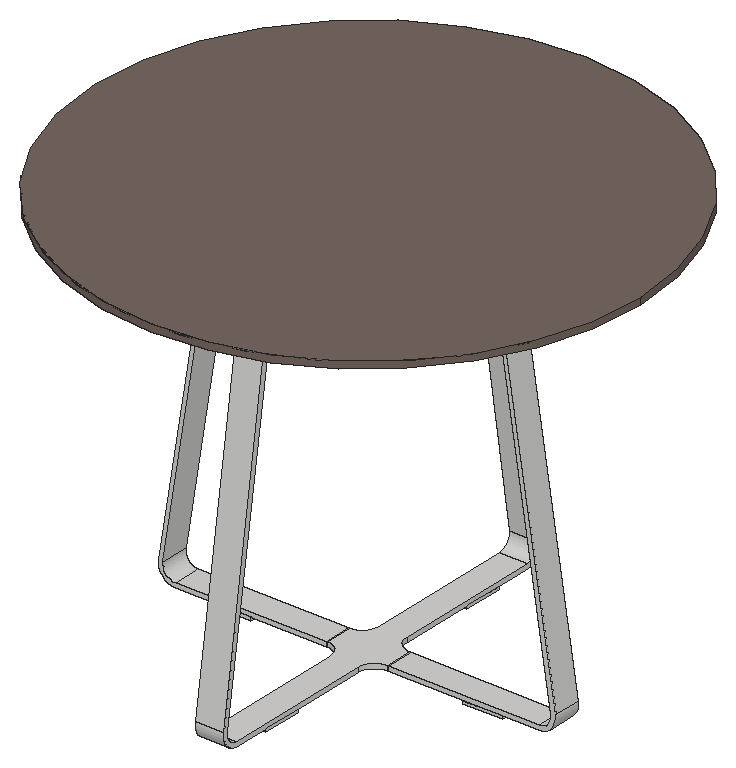
Revit family "Furniture-Table-Casual-Naughtone-Frog", category Furniture, Revit 2014
Parameters (values of type "FR-975-DIA")
  WarrantyStartDate = ""
  WarrantyGuarantorParts = "sales@naughtone.com"  # constant formula
  WarrantyGuarantorLabour = "sales@naughtone.com"  # constant formula
  WarrantyDuration = 60
  Uniclass = "Pr_40_50_21_21"  # constant formula
  URL = "http://www.naughtone.com"
  TypeName = "975mmx975mmx750mm, Frog Table"
  TagNumber = 0
  Table Top Square = no
  Table Top Round = not(Table Top Square)  # yes
  Sweep Offset [instance] = if(Chamfered Edge, 0 mm, 300 mm)  # 300 mm
  Small Legs [instance] = no
  SerialNumber = 0
  Product URL = "http://www.naughtone.com/portfolio-view/frog"  # constant formula
  Product Code = "FR-975-DIA"
  Option [instance] = if(Chamfered Edge, "Reverse Chamfered Edge", "Laminate Top")  # "Laminate Top"
  Name = "Furniture-Table-Casual-Naughtone-Frog"  # constant formula
  Model = "Frog"  # constant formula
  Material Table Base [instance] = Metal-Paint_Finish-Matte_White
  Material Table [instance] = Timber-Walnut_Veneer-Polished
  Material Feet/Bracket = Rubber-Black-Matte
  Manufacturer = "Naughtone"
  Length = 975 mm
  InstallationDate = ""
  Height = 750 mm
  Features = ""
  Extidentifier = ""
  Description = "Frog 975"
  Depth = 975 mm
  Current Revision = 1  # constant formula
  Created On = "10.08.2014"  # constant formula
  Created By = "www.bimbox.co.uk"  # constant formula
  Cost = 0
  Contact Telephone Number = "+44 1423 816500"  # constant formula
  Contact Email Address = "sales@naughtone.com"
  Chamfered Edge [instance] = no
  COBie Description = "Designed by InTheDetail, The Frog table is an elegant product for the offices, restaurants or in the home. The design of the base pays careful attention to the scale of the material and repetition of bends; the result is a table which is visually light and uncluttered when used in repetition."  # constant formula
  Barcode = 0
  Author = "BIMBox"  # constant formula
  AssetIdentifier = "FR-975-DIA"
  975 DIA Legs [instance] = yes
Types (5, lengths in mm): name | TypeName | Table Top Square | Table Top Round | Small Legs | Product Code | Length | Description | Depth | AssetIdentifier | 975 DIA Legs
  (no name) | "975mmx975mmx750mm, Frog Table" | no | yes | no | "FR-975-DIA" | 975 | "Frog 975" | 975 | "FR-975-DIA" | yes
  FR-650-DIA | "650mmx650mmx750mm, Frog Table" | no | yes | yes | "FR-650-DIA" | 650 | "Frog 650" | 650 | "FR-650-DIA" | no
  FR-650-SQ | "650mmx650mmx750mm, Frog Table" | yes | no | yes | "FR-650-SQ" | 650 | "Frog 650 SQ" | 650 | "FR-650-SQ" | no
  FR-850-DIA | "850mmx850mmx750mm, Frog Table" | no | yes | yes | "FR-850-DIA" | 850 | "Frog 850" | 850 | "FR-850-DIA" | no
  FR-975-DIA | "975mmx975mmx750mm, Frog Table" | no | yes | no | "FR-975-DIA" | 975 | "Frog 975" | 975 | "FR-975-DIA" | yes
Reference planes
  plane 1 "Center (Front/Back)": y = 0
  plane 2 "Left-Right": z = 0
  plane 3 "Center (Left/Right)": x = 0
  plane 4 "Table top": z = 750
  plane 5: x = 305.13
  plane 6: x = -305.131
  plane 7: x = 355.13
  plane 8: x = -355.131
  plane 9: y = 305.131
  plane 10: y = -305.131
  plane 11: y = 355.131
  plane 12: y = -355.131
Forms (mm)
  Extrusion 1, solid, material "Metal-Paint_Finish-Matte_White" <- "Material Table Base", visible <- "Small Legs"
    sketch origin (0, 0, 0) x (0, 1, 0) y (0, 0, 1)
      loop
        line (297.229, 43.442) -> (192.22, 706.442)
        arc (192.22, 706.442) -> (184.779, 719.729) -> (170.491, 725) r 22
        line (170.491, 725) -> (-170.966, 725)
        arc (-170.966, 725) -> (-186.905, 718.164) -> (-192.939, 701.905) r 22
        line (-192.939, 701.905) -> (-297.229, 43.442)
        arc (-297.229, 43.442) -> (-292.241, 25.726) -> (-275.537, 18) r 22
        line (-275.537, 18) -> (275.463, 18)
        arc (275.463, 18) -> (292.217, 25.698) -> (297.229, 43.442) r 22
      loop
        line (305.131, 44.693) -> (200.122, 707.693)
        arc (200.122, 707.693) -> (189.975, 725.812) -> (170.491, 733) r 30
        line (170.491, 733) -> (-170.966, 733)
        arc (-170.966, 733) -> (-192.391, 724) -> (-200.96, 702.4) r 30
        line (-200.96, 702.4) -> (-305.131, 44.693)
        arc (-305.131, 44.693) -> (-298.326, 20.533) -> (-275.543, 10) r 30
        line (-275.543, 10) -> (275.457, 10)
        arc (275.457, 10) -> (298.298, 20.5) -> (305.131, 44.693) r 30
    from -25 to 25
  Extrusion 2, solid, material "Metal-Paint_Finish-Matte_White" <- "Material Table Base", visible <- "Small Legs"
    sketch origin (-0.001, -0.001, 0) x (-1, 0, 0) y (0, 0, 1)
      loop
        arc (297.229, 43.442) -> (292.217, 25.698) -> (275.463, 18) r 22
        line (275.463, 18) -> (55, 18) -> (55, 10) -> (275.457, 10)
        arc (275.457, 10) -> (298.298, 20.5) -> (305.131, 44.693) r 30
        line (305.131, 44.693) -> (200.122, 707.693)
        arc (200.122, 707.693) -> (189.975, 725.812) -> (170.491, 733) r 30
        line (170.491, 733) -> (24.999, 733) -> (24.999, 725) -> (170.491, 725)
        arc (170.491, 725) -> (184.779, 719.729) -> (192.22, 706.442) r 22
        line (192.22, 706.442) -> (297.229, 43.442)
      loop
        line (-170.491, 725) -> (-25.001, 725) -> (-25.001, 733) -> (-177.324, 733)
        arc (-177.324, 733) -> (-191.612, 727.729) -> (-199.053, 714.442) r 22
        line (-199.053, 714.442) -> (-305.131, 44.693)
        arc (-305.131, 44.693) -> (-298.326, 20.533) -> (-275.543, 10) r 30
        line (-275.543, 10) -> (-55.001, 10) -> (-55.001, 18) -> (-275.537, 18)
        arc (-275.537, 18) -> (-292.241, 25.726) -> (-297.229, 43.442) r 22
        line (-297.229, 43.442) -> (-192.22, 706.442)
        arc (-192.22, 706.442) -> (-184.779, 719.729) -> (-170.491, 725) r 22
    from -25 to 25
  Extrusion 3, solid, material "Rubber-Black-Matte" <- "Material Feet/Bracket"
    sketch origin (275.499, -0.001, 18) x (-1, 0, 0) y (0, -1, 0)
      loop
        circle (50.501, -0.001) r 9.964
    from -18 to -13
  Extrusion 4, solid, material "Metal-Paint_Finish-Matte_White" <- "Material Table Base"
    sketch origin (275.499, -0.001, 18) x (-1, 0, 0) y (0, -1, 0)
      loop
        line (85.501, -25) -> (85.501, 25) -> (15.501, 25) -> (15.501, -25) -> (85.501, -25)
    from -13 to -8
  Extrusion 5, solid, material "Rubber-Black-Matte" <- "Material Feet/Bracket"
    sketch origin (-275.499, -0.001, 18) x (1, 0, 0) y (0, 1, 0)
      loop
        circle (50.501, 0.001) r 9.964
    from -18 to -13
  Extrusion 6, solid, material "Metal-Paint_Finish-Matte_White" <- "Material Table Base"
    sketch origin (-275.499, -0.001, 18) x (1, 0, 0) y (0, 1, 0)
      loop
        line (85.501, 25) -> (15.501, 25) -> (15.501, -25) -> (85.501, -25) -> (85.501, 25)
    from -13 to -8
  Extrusion 7, solid, material "Rubber-Black-Matte" <- "Material Feet/Bracket"
    sketch origin (0.001, 275.499, 18) x (0, -1, 0) y (1, 0, 0)
      loop
        circle (50.501, -0.001) r 9.964
    from -18 to -13
  Extrusion 8, solid, material "Metal-Paint_Finish-Matte_White" <- "Material Table Base"
    sketch origin (0.001, 275.499, 18) x (0, -1, 0) y (1, 0, 0)
      loop
        line (85.501, -25) -> (85.501, 25) -> (15.501, 25) -> (15.501, -25) -> (85.501, -25)
    from -13 to -8
  Extrusion 9, solid, material "Rubber-Black-Matte" <- "Material Feet/Bracket"
    sketch origin (0.001, -275.499, 18) x (0, 1, 0) y (-1, 0, 0)
      loop
        circle (50.501, 0.001) r 9.964
    from -18 to -13
  Extrusion 10, solid, material "Metal-Paint_Finish-Matte_White" <- "Material Table Base"
    sketch origin (0.001, -275.499, 18) x (0, 1, 0) y (-1, 0, 0)
      loop
        line (85.501, 25) -> (15.501, 25) -> (15.501, -25) -> (85.501, -25) -> (85.501, 25)
    from -13 to -8
  Extrusion 11, solid, material "Metal-Paint_Finish-Matte_White" <- "Material Table Base"
    sketch origin (275.499, -0.001, 18) x (-1, 0, 0) y (0, -1, 0)
      loop
        line (366.499, -17.5) -> (426.499, -17.5)
        arc (426.499, -17.5) -> (430.035, -16.036) -> (431.499, -12.501) r 5
        line (431.499, -12.501) -> (431.499, 12.499)
        arc (431.499, 12.499) -> (430.035, 16.035) -> (426.499, 17.5) r 5
        line (426.499, 17.5) -> (366.5, 17.5)
        arc (366.5, 17.5) -> (362.964, 16.035) -> (361.5, 12.499) r 5
        line (361.5, 12.499) -> (361.5, -12.501)
        arc (361.5, -12.501) -> (362.964, -16.036) -> (366.499, -17.5) r 5
    from 715 to 717
  Extrusion 12, solid, material "Metal-Paint_Finish-Matte_White" <- "Material Table Base"
    sketch origin (-275.499, -0.001, 18) x (1, 0, 0) y (0, 1, 0)
      loop
        arc (366.499, 17.5) -> (362.964, 16.036) -> (361.5, 12.501) r 5
        line (361.5, 12.501) -> (361.5, -12.499)
        arc (361.5, -12.499) -> (362.964, -16.035) -> (366.5, -17.5) r 5
        line (366.5, -17.5) -> (426.499, -17.5)
        arc (426.499, -17.5) -> (430.035, -16.035) -> (431.499, -12.499) r 5
        line (431.499, -12.499) -> (431.499, 12.501)
        arc (431.499, 12.501) -> (430.035, 16.036) -> (426.499, 17.5) r 5
        line (426.499, 17.5) -> (366.499, 17.5)
    from 715 to 717
  Extrusion 13, solid, material "Metal-Paint_Finish-Matte_White" <- "Material Table Base"
    sketch origin (0.001, -275.499, 18) x (0, 1, 0) y (-1, 0, 0)
      loop
        arc (366.499, 17.5) -> (362.964, 16.036) -> (361.5, 12.501) r 5
        line (361.5, 12.501) -> (361.5, -12.499)
        arc (361.5, -12.499) -> (362.964, -16.035) -> (366.5, -17.5) r 5
        line (366.5, -17.5) -> (426.499, -17.5)
        arc (426.499, -17.5) -> (430.035, -16.035) -> (431.499, -12.499) r 5
        line (431.499, -12.499) -> (431.499, 12.501)
        arc (431.499, 12.501) -> (430.035, 16.036) -> (426.499, 17.5) r 5
        line (426.499, 17.5) -> (366.499, 17.5)
    from 715 to 717
  Extrusion 14, solid, material "Metal-Paint_Finish-Matte_White" <- "Material Table Base"
    sketch origin (0.001, 275.499, 18) x (0, -1, 0) y (1, 0, 0)
      loop
        line (366.499, -17.5) -> (426.499, -17.5)
        arc (426.499, -17.5) -> (430.035, -16.036) -> (431.499, -12.501) r 5
        line (431.499, -12.501) -> (431.499, 12.499)
        arc (431.499, 12.499) -> (430.035, 16.035) -> (426.499, 17.5) r 5
        line (426.499, 17.5) -> (366.5, 17.5)
        arc (366.5, 17.5) -> (362.964, 16.035) -> (361.5, 12.499) r 5
        line (361.5, 12.499) -> (361.5, -12.501)
        arc (361.5, -12.501) -> (362.964, -16.036) -> (366.499, -17.5) r 5
    from 715 to 717
  Extrusion 15, solid, material "Metal-Paint_Finish-Matte_White" <- "Material Table Base", visible <- "Small Legs"
    sketch origin (275.499, -0.001, 18) x (-1, 0, 0) y (0, -1, 0)
      loop
        line (330.5, -55.001) -> (330.5, 54.999) -> (220.499, 54.999) -> (220.499, -55.001) -> (330.5, -55.001)
    from -8 to 0
  Extrusion 16, void
    sketch origin (275.499, -0.001, 18) x (0, -1, 0) y (-1, 0, 0)
      loop
        circle (-55.001, 220.499) r 30.001
    from -38.838 to 250
  Extrusion 17, void
    sketch origin (-275.499, -0.001, 18) x (0, 1, 0) y (1, 0, 0)
      loop
        circle (55.001, 220.499) r 30.001
    from -38.838 to 250
  Extrusion 18, void
    sketch origin (275.499, 0.001, 18) x (0, -1, 0) y (-1, 0, 0)
      loop
        circle (55.001, 220.499) r 30.001
    from -38.838 to 250
  Extrusion 19, void
    sketch origin (-275.499, 0.001, 18) x (0, 1, 0) y (1, 0, 0)
      loop
        circle (-55.001, 220.499) r 30.001
    from -38.838 to 250
  Extrusion 20, solid, material "Timber-Walnut_Veneer-Polished" <- "Material Table", visible <- "Table Top Round"
    sketch origin (0, 0, 0) x (1, 0, 0) y (0, 1, 0)
      loop
        circle (0, 0) r 487.5
    from 737.5 to 750
  Extrusion 21, solid, material "Timber-Walnut_Veneer-Polished" <- "Material Table", visible <- "Table Top Square"
    sketch origin (194.808, 194.807, 18) x (-0.707107, -0.707107, 0) y (0.707107, -0.707107, 0)
      loop
        line (925.499, -325.001) -> (925.499, 649.999) -> (-49.501, 649.999) -> (-49.501, -325.001) -> (925.499, -325.001)
    from 717 to 732
  Sweep 22, void
    path in 3D
      loop
        line (0, -919.239, 750) -> (689.429, -229.81, 750) -> (0, 459.619, 750) -> (-689.429, -229.81, 750) -> (0, -919.239, 750)
    profile "Chamfered Edge Family : Chamfered Edge Family" origin (-344.715, -574.524, 750) x (0.707107, 0.707107, 0) y (0, 0, 1)
      loop
        line (0, 300) -> (0, 285) -> (10.254, 285)
        arc (10.254, 285) -> (9.126, 285.406) -> (8.267, 286.242) r 2.838
        line (8.267, 286.242) -> (0, 300)
  Extrusion 23, solid, material "Metal-Paint_Finish-Matte_White" <- "Material Table Base", visible <- "975 DIA Legs"
    sketch origin (0, 0, 0) x (1, 0, 0) y (0, 0, 1)
      loop
        arc (-355.131, 44.693) -> (-348.313, 20.517) -> (-325.501, 10) r 30
        line (-325.501, 10) -> (-55.001, 10) -> (-55.001, 18) -> (-325.501, 18)
        arc (-325.501, 18) -> (-342.229, 25.712) -> (-347.23, 43.442) r 22
        line (-347.23, 43.442) -> (-242.221, 706.442)
        arc (-242.221, 706.442) -> (-234.779, 719.729) -> (-220.492, 725) r 22
        line (-220.492, 725) -> (-25, 725) -> (-25, 733) -> (-220.492, 733)
        arc (-220.492, 733) -> (-239.975, 725.812) -> (-250.122, 707.693) r 30
        line (-250.122, 707.693) -> (-355.131, 44.693)
      loop
        arc (220.491, 725) -> (234.779, 719.729) -> (242.22, 706.442) r 22
        line (242.22, 706.442) -> (347.229, 43.441)
        arc (347.229, 43.441) -> (342.228, 25.712) -> (325.499, 18) r 22
        line (325.499, 18) -> (55.001, 18) -> (55.001, 10) -> (325.499, 10)
        arc (325.499, 10) -> (348.312, 20.517) -> (355.13, 44.693) r 30
        line (355.13, 44.693) -> (249.052, 714.442)
        arc (249.052, 714.442) -> (241.611, 727.729) -> (227.323, 733) r 22
        line (227.323, 733) -> (25, 733) -> (25, 725) -> (220.491, 725)
    from -25 to 25
  Extrusion 24, solid, material "Metal-Paint_Finish-Matte_White" <- "Material Table Base", visible <- "975 DIA Legs"
    sketch origin (0, 0, 0) x (0, 1, 0) y (0, 0, 1)
      loop
        line (347.229, 43.442) -> (242.22, 706.442)
        arc (242.22, 706.442) -> (234.779, 719.729) -> (220.491, 725) r 22
        line (220.491, 725) -> (-220.966, 725)
        arc (-220.966, 725) -> (-236.905, 718.164) -> (-242.939, 701.905) r 22
        line (-242.939, 701.905) -> (-347.229, 43.442)
        arc (-347.229, 43.442) -> (-342.229, 25.712) -> (-325.5, 18) r 22
        line (-325.5, 18) -> (325.5, 18)
        arc (325.5, 18) -> (342.229, 25.712) -> (347.229, 43.442) r 22
      loop
        line (355.131, 44.693) -> (250.122, 707.693)
        arc (250.122, 707.693) -> (239.975, 725.812) -> (220.491, 733) r 30
        line (220.491, 733) -> (-220.966, 733)
        arc (-220.966, 733) -> (-242.391, 724) -> (-250.96, 702.4) r 30
        line (-250.96, 702.4) -> (-355.131, 44.693)
        arc (-355.131, 44.693) -> (-348.312, 20.517) -> (-325.5, 10) r 30
        line (-325.5, 10) -> (325.5, 10)
        arc (325.5, 10) -> (348.312, 20.517) -> (355.131, 44.693) r 30
    from -25 to 25
  Extrusion 25, void
    sketch origin (275.499, -0.001, 18) x (0, -1, 0) y (-1, 0, 0)
      loop
        circle (-55.001, 220.499) r 30.001
    from -38.838 to 250
  Extrusion 26, void
    sketch origin (-275.499, -0.001, 18) x (0, 1, 0) y (1, 0, 0)
      loop
        circle (55.001, 220.499) r 30.001
    from -38.838 to 250
  Extrusion 27, void
    sketch origin (275.499, 0.001, 18) x (0, -1, 0) y (-1, 0, 0)
      loop
        circle (55.001, 220.499) r 30.001
    from -38.838 to 250
  Extrusion 28, void
    sketch origin (-275.499, 0.001, 18) x (0, 1, 0) y (1, 0, 0)
      loop
        circle (-55.001, 220.499) r 30.001
    from -38.838 to 250
  Extrusion 29, solid, material "Metal-Paint_Finish-Matte_White" <- "Material Table Base", visible <- "975 DIA Legs"
    sketch origin (275.499, -0.001, 18) x (-1, 0, 0) y (0, -1, 0)
      loop
        line (330.5, -55.001) -> (330.5, 54.999) -> (220.499, 54.999) -> (220.499, -55.001) -> (330.5, -55.001)
    from -8 to 0
Cuts and joins
  Extrusion 19, Extrusion 28 cuts Extrusion 1
  Extrusion 16, Extrusion 17, Extrusion 18, Extrusion 19, Extrusion 28 cuts Extrusion 15
  joined: Extrusion 1, Extrusion 15
  Sweep 22 cuts Extrusion 21
  Extrusion 25, Extrusion 26, Extrusion 27, Extrusion 28 cuts Extrusion 29
  joined: Extrusion 24, Extrusion 29
Lines and regions (mm)
  sketch lines
    curve 1: line (-689.429, -229.81, 750) -> (0, -919.239, 750)
    curve 2: line (0, 459.619, 750) -> (-689.429, -229.81, 750)
    curve 3: line (689.429, -229.81, 750) -> (0, 459.619, 750)
    curve 4: line (0, -919.239, 750) -> (689.429, -229.81, 750)
Dimensions and locks
  "Depth": Extrusion 21 sketch curve to Extrusion 21 sketch curve
  "Length": Extrusion 21 sketch curve to Extrusion 21 sketch curve
  plane 4 "Table top" to level = 750 mm
  "Length": diameter of Extrusion 20 sketch curve
  aligned and locked: level to plane 2 "Left-Right"
  aligned and locked: plane 4 "Table top" to Extrusion 20
Automatic sketch dimensions
  level to Extrusion 1 sketch curve = 10 mm
  plane 1 "Center (Front/Back)" to Extrusion 1 sketch curve = 275.543 mm
  Extrusion 1 sketch curve to Extrusion 1 sketch curve = 0.005 mm  (x2)
  Extrusion 1 sketch curve to Extrusion 1 sketch curve = 0.037 mm  (x2)
  Extrusion 1 sketch curve to Extrusion 1 sketch curve = 0 mm  (x8)
  Extrusion 1 sketch curve to plane 4 "Table top" = 25 mm
  plane 1 "Center (Front/Back)" to Extrusion 1 sketch curve = 170.966 mm
  Extrusion 1 sketch curve to plane 1 "Center (Front/Back)" = 170.491 mm
  Extrusion 1 sketch curve to plane 4 "Table top" = 43.558 mm
  Extrusion 1 sketch curve to Extrusion 1 sketch curve = 21.729 mm  (x3)
  Extrusion 1 sketch curve to plane 4 "Table top" = 42.307 mm
  Extrusion 1 sketch curve to Extrusion 1 sketch curve = 7.901 mm  (x2)
  Extrusion 1 sketch curve to plane 1 "Center (Front/Back)" = 275.457 mm
  level to Extrusion 1 sketch curve = 43.442 mm  (x2)
  level to Extrusion 1 sketch curve = 44.693 mm  (x2)
  Extrusion 1 sketch curve to Extrusion 1 sketch curve = 7.902 mm
  Extrusion 1 sketch curve to Extrusion 1 sketch curve = 8 mm
  Extrusion 1 sketch curve to Extrusion 1 sketch curve = 22 mm  (x2)
  Extrusion 1 sketch curve to Extrusion 1 sketch curve = 8.021 mm
  Extrusion 2 to Extrusion 3 sketch curve = 24.999 mm
  Extrusion 3 sketch curve to Extrusion 2 = 50.539 mm
  Extrusion 2 to Extrusion 4 sketch curve = 0 mm
  Extrusion 4 sketch curve to Extrusion 2 = 0 mm
  Extrusion 4 sketch curve to Extrusion 2 = 15.538 mm
  Extrusion 4 sketch curve to Extrusion 4 sketch curve = 70 mm
  Extrusion 2 to Extrusion 5 sketch curve = 24.999 mm
  Extrusion 2 to Extrusion 5 sketch curve = 279.999 mm
  Extrusion 6 sketch curve to Extrusion 2 = 0 mm  (x2)
  Extrusion 2 to Extrusion 6 sketch curve = 314.999 mm
  Extrusion 6 sketch curve to Extrusion 6 sketch curve = 70 mm
  Extrusion 2 to Extrusion 7 sketch curve = 55.001 mm
  Extrusion 7 sketch curve to Extrusion 2 = 199.999 mm
  Extrusion 2 to Extrusion 8 sketch curve = 80 mm
  Extrusion 8 sketch curve to Extrusion 2 = 234.999 mm
  Extrusion 2 to Extrusion 8 sketch curve = 30 mm
  Extrusion 8 sketch curve to Extrusion 8 sketch curve = 70 mm
  Extrusion 2 to Extrusion 9 sketch curve = 55.001 mm
  Extrusion 9 sketch curve to Extrusion 2 = 199.998 mm
  Extrusion 2 to Extrusion 10 sketch curve = 80 mm
  Extrusion 10 sketch curve to Extrusion 2 = 234.998 mm
  Extrusion 2 to Extrusion 10 sketch curve = 30 mm
  Extrusion 10 sketch curve to Extrusion 10 sketch curve = 70 mm
  Extrusion 2 to Extrusion 11 sketch curve = 12.499 mm  (x2)
  Extrusion 2 to Extrusion 11 sketch curve = 141.001 mm
  Extrusion 11 sketch curve to Extrusion 11 sketch curve = 5 mm  (x2)
  Extrusion 2 to Extrusion 11 sketch curve = 12.501 mm
  Extrusion 11 sketch curve to Extrusion 11 sketch curve = 60 mm
  Extrusion 11 sketch curve to Extrusion 11 sketch curve = 0 mm
  Extrusion 12 sketch curve to Extrusion 2 = 30.999 mm
  Extrusion 12 sketch curve to Extrusion 12 sketch curve = 5 mm  (x3)
  Extrusion 2 to Extrusion 12 sketch curve = 12.501 mm
  Extrusion 12 sketch curve to Extrusion 12 sketch curve = 60 mm
  Extrusion 2 to Extrusion 12 sketch curve = 12.499 mm
  Extrusion 12 sketch curve to Extrusion 12 sketch curve = 0 mm
  Extrusion 13 sketch curve to Extrusion 2 = 61.001 mm
  Extrusion 13 sketch curve to Extrusion 13 sketch curve = 5 mm  (x3)
  Extrusion 13 sketch curve to Extrusion 13 sketch curve = 60 mm
  Extrusion 13 sketch curve to Extrusion 13 sketch curve = 0 mm
  Extrusion 2 to Extrusion 13 sketch curve = 37.5 mm
  Extrusion 13 sketch curve to Extrusion 13 sketch curve = 25 mm
  Extrusion 14 sketch curve to Extrusion 2 = 60.999 mm
  Extrusion 14 sketch curve to Extrusion 14 sketch curve = 5 mm  (x3)
  Extrusion 14 sketch curve to Extrusion 14 sketch curve = 60 mm
  Extrusion 14 sketch curve to Extrusion 14 sketch curve = 0 mm
  Extrusion 2 to Extrusion 14 sketch curve = 72.5 mm
  Extrusion 14 sketch curve to Extrusion 14 sketch curve = 25 mm
  Extrusion 15 sketch curve to Extrusion 2 = 0 mm
  Extrusion 15 sketch curve to Extrusion 2 = 29.999 mm
  Extrusion 2 to Extrusion 15 sketch curve = 110.001 mm
  Extrusion 15 sketch curve to Extrusion 2 = 30.001 mm
  Extrusion 16 sketch curve to Extrusion 2 = 0 mm
  Extrusion 16 sketch curve to Extrusion 2 = 30.001 mm
  Extrusion 17 sketch curve to Extrusion 2 = 30.001 mm
  Extrusion 2 to Extrusion 17 sketch curve = 110.001 mm
  Extrusion 18 sketch curve to Extrusion 2 = 0 mm
  Extrusion 18 sketch curve to Extrusion 2 = 30 mm
  Extrusion 19 sketch curve to Extrusion 2 = 30 mm
  Extrusion 2 to Extrusion 19 sketch curve = 110.001 mm
  level to Extrusion 2 sketch curve = 10 mm  (x2)
  plane 3 "Center (Left/Right)" to Extrusion 2 sketch curve = 275.542 mm
  Extrusion 2 sketch curve to Extrusion 2 sketch curve = 0.005 mm  (x2)
  Extrusion 2 sketch curve to Extrusion 2 sketch curve = 0.037 mm  (x2)
  Extrusion 2 sketch curve to Extrusion 2 sketch curve = 0 mm  (x7)
  Extrusion 2 sketch curve to plane 4 "Table top" = 35.558 mm
  plane 3 "Center (Left/Right)" to Extrusion 2 sketch curve = 199.052 mm
  Extrusion 2 sketch curve to plane 4 "Table top" = 43.558 mm  (x2)
  Extrusion 2 sketch curve to Extrusion 2 sketch curve = 6.833 mm  (x2)
  Extrusion 2 sketch curve to Extrusion 2 sketch curve = 21.729 mm  (x4)
  plane 3 "Center (Left/Right)" to Extrusion 2 sketch curve = 55.001 mm
  plane 3 "Center (Left/Right)" to Extrusion 2 sketch curve = 25 mm
  Extrusion 2 sketch curve to plane 3 "Center (Left/Right)" = 25 mm
  Extrusion 2 sketch curve to plane 3 "Center (Left/Right)" = 55.001 mm
  Extrusion 2 sketch curve to plane 4 "Table top" = 17 mm
  Extrusion 2 sketch curve to Extrusion 2 sketch curve = 145.492 mm
  Extrusion 2 sketch curve to plane 4 "Table top" = 42.307 mm
  Extrusion 2 sketch curve to Extrusion 2 sketch curve = 7.901 mm  (x2)
  Extrusion 2 sketch curve to Extrusion 2 sketch curve = 220.457 mm
  level to Extrusion 2 sketch curve = 43.442 mm  (x2)
  level to Extrusion 2 sketch curve = 44.693 mm  (x2)
  Extrusion 2 sketch curve to Extrusion 2 sketch curve = 7.902 mm
  Extrusion 2 sketch curve to Extrusion 2 sketch curve = 8 mm  (x3)
  Extrusion 2 sketch curve to Extrusion 2 sketch curve = 22 mm
  Extrusion 2 sketch curve to Extrusion 2 sketch curve = 4.558 mm
  Extrusion 1 sketch curve to Extrusion 1 sketch curve = 0.495 mm
  Extrusion 1 sketch curve to plane 4 "Table top" = 47.6 mm
  plane 1 "Center (Front/Back)" to Extrusion 20 sketch curve = 0 mm
  Extrusion 20 sketch curve to plane 3 "Center (Left/Right)" = 0 mm
  Extrusion 2 to Extrusion 21 sketch curve = 55.001 mm
  Extrusion 21 sketch curve to Extrusion 2 = 434.62 mm
  plane 8 to Extrusion 23 sketch curve = 0 mm
  Extrusion 23 sketch curve to plane 8 = 7.902 mm
  Extrusion 23 sketch curve to plane 6 = 20.369 mm
  Extrusion 23 sketch curve to Extrusion 23 sketch curve = 0 mm  (x7)
  plane 6 to Extrusion 23 sketch curve = 55.009 mm
  Extrusion 23 sketch curve to Extrusion 23 sketch curve = 7.902 mm
  Extrusion 23 sketch curve to Extrusion 23 sketch curve = 21.729 mm
  level to Extrusion 23 sketch curve = 10 mm
  Extrusion 23 sketch curve to plane 3 "Center (Left/Right)" = 55.001 mm
  Extrusion 23 sketch curve to plane 3 "Center (Left/Right)" = 25 mm
  plane 3 "Center (Left/Right)" to Extrusion 23 sketch curve = 25 mm
  level to Extrusion 23 sketch curve = 18 mm
  plane 3 "Center (Left/Right)" to Extrusion 23 sketch curve = 55.001 mm
  plane 5 to Extrusion 23 sketch curve = 84.639 mm
  Extrusion 23 sketch curve to Extrusion 23 sketch curve = 6.833 mm  (x2)
  Extrusion 23 sketch curve to Extrusion 23 sketch curve = 14.897 mm
  Extrusion 23 sketch curve to plane 4 "Table top" = 35.558 mm
  Extrusion 23 sketch curve to plane 5 = 20.369 mm
  plane 7 to Extrusion 23 sketch curve = 0 mm
  Extrusion 23 sketch curve to Extrusion 23 sketch curve = 8 mm  (x4)
  Extrusion 23 sketch curve to Extrusion 23 sketch curve = 22 mm  (x3)
  Extrusion 23 sketch curve to plane 4 "Table top" = 47 mm
  Extrusion 23 sketch curve to Extrusion 23 sketch curve = 3.442 mm
  Extrusion 23 sketch curve to Extrusion 23 sketch curve = 11.442 mm
  Extrusion 23 sketch curve to Extrusion 23 sketch curve = 1.251 mm
  Extrusion 23 sketch curve to plane 7 = 7.902 mm
  level to Extrusion 24 sketch curve = 10 mm
  plane 1 "Center (Front/Back)" to Extrusion 24 sketch curve = 325.5 mm
  Extrusion 24 sketch curve to Extrusion 24 sketch curve = 0 mm  (x11)
  Extrusion 24 sketch curve to plane 4 "Table top" = 47.6 mm
  plane 1 "Center (Front/Back)" to Extrusion 24 sketch curve = 250.96 mm
  Extrusion 24 sketch curve to plane 4 "Table top" = 48.095 mm
  Extrusion 24 sketch curve to Extrusion 24 sketch curve = 8.021 mm
  Extrusion 24 sketch curve to plane 4 "Table top" = 25 mm
  Extrusion 24 sketch curve to Extrusion 24 sketch curve = 21.973 mm
  Extrusion 24 sketch curve to plane 4 "Table top" = 47 mm
  Extrusion 24 sketch curve to plane 1 "Center (Front/Back)" = 220.491 mm
  Extrusion 24 sketch curve to plane 4 "Table top" = 43.558 mm
  Extrusion 24 sketch curve to Extrusion 24 sketch curve = 21.729 mm  (x3)
  Extrusion 24 sketch curve to plane 4 "Table top" = 42.307 mm
  Extrusion 24 sketch curve to Extrusion 24 sketch curve = 7.901 mm  (x2)
  Extrusion 24 sketch curve to plane 1 "Center (Front/Back)" = 325.5 mm
  level to Extrusion 24 sketch curve = 43.442 mm  (x2)
  level to Extrusion 24 sketch curve = 44.693 mm  (x2)
  Extrusion 24 sketch curve to Extrusion 24 sketch curve = 7.902 mm
  Extrusion 24 sketch curve to Extrusion 24 sketch curve = 8 mm
  Extrusion 24 sketch curve to Extrusion 24 sketch curve = 22 mm
  Extrusion 25 sketch curve to Extrusion 2 = 0 mm
  Extrusion 25 sketch curve to Extrusion 2 = 30.001 mm
  Extrusion 26 sketch curve to Extrusion 2 = 30.001 mm
  Extrusion 2 to Extrusion 26 sketch curve = 110.001 mm
  Extrusion 27 sketch curve to Extrusion 2 = 0 mm
  Extrusion 27 sketch curve to Extrusion 2 = 30 mm
  Extrusion 28 sketch curve to Extrusion 2 = 30 mm
  Extrusion 2 to Extrusion 28 sketch curve = 110.001 mm
  Extrusion 29 sketch curve to Extrusion 2 = 0 mm
  Extrusion 29 sketch curve to Extrusion 2 = 29.999 mm
  Extrusion 2 to Extrusion 29 sketch curve = 110.001 mm
  Extrusion 29 sketch curve to Extrusion 2 = 30.001 mm
  radius of Extrusion 3 sketch curve = 9.964 mm
  radius of Extrusion 5 sketch curve = 9.964 mm
  radius of Extrusion 7 sketch curve = 9.964 mm
  radius of Extrusion 9 sketch curve = 9.964 mm
  radius of Extrusion 16 sketch curve = 30.001 mm
  radius of Extrusion 17 sketch curve = 30.001 mm
  radius of Extrusion 18 sketch curve = 30.001 mm
  radius of Extrusion 19 sketch curve = 30.001 mm
  radius of Extrusion 25 sketch curve = 30.001 mm
  radius of Extrusion 26 sketch curve = 30.001 mm
  radius of Extrusion 27 sketch curve = 30.001 mm
  radius of Extrusion 28 sketch curve = 30.001 mm
